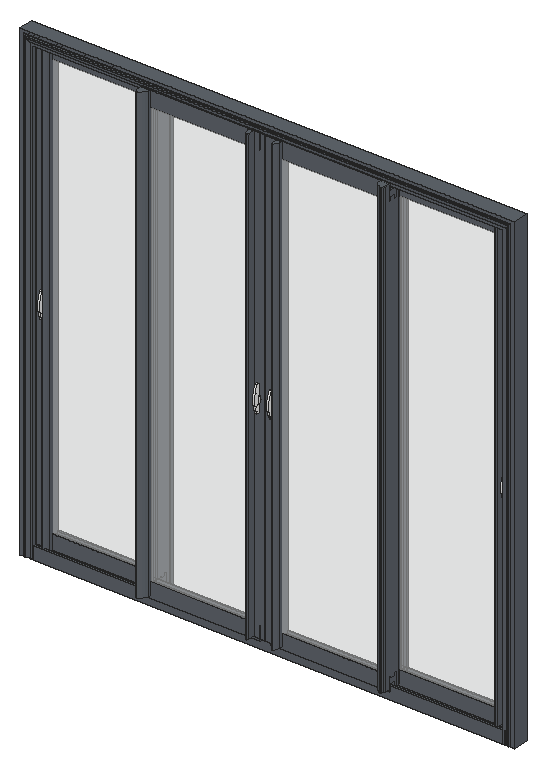
Revit family "Wicslide_65_Glass24_4_leaf_2_track_4_leaf_slide_or_2_inner_slide_2_outer_fixed", category Doors, host Wall, Revit 2014 (continued)
Definition of nested family "Leaf_Wicslide_65_2_leaf_2_track_both_sliding_or_1_fixed_1slide"
  Definition of nested family "wicona_handle_2d"
    Lines and regions (mm)
      Filled region 1, type "Concrete", in view "Ref. Level", detail levels medium
        outline origin (18.997, 3.58, 0) x (1, 0, 0) y (0, 1, 0)
          loop
            line (-32.997, -3.58) -> (-32.997, -9.933) -> (-24.997, -13.663) -> (-24.997, -27.833) -> (-22.937, -29.893) -> (-14.406, -29.893) -> (-13.407, -28.894) -> (-12.884, -13.903) -> (-10.056, -13.145) -> (-10.056, -16.127) -> (-7.132, -23.016) -> (0.376, -23.016) -> (1.978, -21.414) -> (0.932, -15.482) -> (-2.662, -8.313) -> (-7.394, -3.58) -> (-32.997, -3.58)
      model lines, style "PIECES", in view "Ref. Level", detail levels fine
        curve 1: arc (14, -1.6, 0) -> (13.707, -0.893, 0) -> (13, -0.6, 0) r 1
        curve 2: arc (6.221, -10.26, 0) -> (7.596, -9.888, 0) -> (8.949, -9.443, 0) r 26.5
        curve 3: arc (-13.393, -7.367, 0) -> (-9.913, -9.076, 0) -> (-6.221, -10.26, 0) r 26.5
        curve 4: arc (11.211, -7.242, 0) -> (11.535, -6.913, 0) -> (11.677, -6.473, 0) r 1
        curve 5: line (11.793, -0.6, 0) -> (12.052, -0.6, 0)
        curve 6: line (12.052, -0.6, 0) -> (13, -0.6, 0)
        curve 7: line (8.949, -12.262, 0) -> (8.949, -8.492, 0)
        curve 8: line (-4.591, -26.312, 0) -> (4.591, -26.312, 0)
        curve 9: line (-5.814, -25, 0) -> (-6.068, -10.451, 0)
        curve 10: line (-6.068, -10.451, 0) -> (-6.221, -10.26, 0)
        curve 11: line (5.815, -24.927, 0) -> (6.068, -10.451, 0)
        curve 12: line (6.068, -10.451, 0) -> (6.221, -10.26, 0)
        curve 13: line (11.211, -7.242, 0) -> (10.341, -7.762, 0)
        curve 14: line (10.341, -7.762, 0) -> (9.463, -8.24, 0)
        curve 15: line (9.463, -8.24, 0) -> (8.565, -8.68, 0)
        curve 16: line (8.565, -8.68, 0) -> (7.649, -9.083, 0)
        curve 17: line (7.505, -9.142, 0) -> (7.006, -9.364, 0)
        curve 18: line (-13.393, -7.367, 0) -> (-13.886, -6.543, 0)
        curve 19: line (-13.886, -6.543, 0) -> (-14, 0, 0)
        curve 20: line (-14, 0, 0) -> (11.805, 0, 0)
        curve 21: line (11.805, 0, 0) -> (11.786, -1, 0)
        curve 22: line (11.786, -1, 0) -> (11.766, -2, 0)
        curve 23: line (11.766, -2, 0) -> (11.747, -2.999, 0)
        curve 24: line (11.747, -2.999, 0) -> (11.727, -3.999, 0)
        curve 25: line (11.727, -3.999, 0) -> (11.708, -4.999, 0)
        curve 26: line (11.708, -4.999, 0) -> (11.688, -5.999, 0)
        curve 27: line (11.688, -5.999, 0) -> (11.68, -6.413, 0)
        curve 28: line (12.793, -0.754, 0) -> (13.413, -1.137, 0)
        curve 29: line (13.413, -1.137, 0) -> (14.151, -1.812, 0)
        curve 30: line (14.151, -1.812, 0) -> (14.853, -2.523, 0)
        curve 31: line (14.853, -2.523, 0) -> (15.519, -3.269, 0)
        curve 32: line (15.519, -3.269, 0) -> (16.149, -4.046, 0)
        curve 33: line (16.149, -4.046, 0) -> (16.743, -4.851, 0)
        curve 34: line (16.743, -4.851, 0) -> (17.301, -5.68, 0)
        curve 35: line (17.301, -5.68, 0) -> (17.61, -6.174, 0)
        curve 36: line (12.052, -0.6, 0) -> (12.765, -0.743, 0)
        curve 37: line (17.643, -6.231, 0) -> (18.091, -7.125, 0)
        curve 38: line (18.091, -7.125, 0) -> (18.508, -8.034, 0)
        curve 39: line (18.508, -8.034, 0) -> (18.897, -8.955, 0)
        curve 40: line (18.897, -8.955, 0) -> (19.257, -9.888, 0)
        curve 41: line (19.257, -9.888, 0) -> (19.59, -10.831, 0)
        curve 42: line (19.59, -10.831, 0) -> (19.895, -11.783, 0)
        curve 43: line (19.895, -11.783, 0) -> (20.172, -12.744, 0)
        curve 44: line (20.172, -12.744, 0) -> (20.422, -13.712, 0)
        curve 45: line (20.422, -13.712, 0) -> (20.645, -14.687, 0)
        curve 46: line (20.645, -14.687, 0) -> (20.841, -15.667, 0)
        curve 47: line (20.841, -15.667, 0) -> (21.011, -16.653, 0)
        curve 48: line (21.011, -16.653, 0) -> (21.043, -16.863, 0)
        curve 49: line (21.043, -16.863, 0) -> (20.974, -17.852, 0)
        curve 50: line (20.974, -17.852, 0) -> (20.702, -18.43, 0)
        curve 51: line (20.702, -18.43, 0) -> (20.014, -19.149, 0)
        curve 52: line (20.014, -19.149, 0) -> (19.107, -19.554, 0)
        curve 53: line (19.107, -19.554, 0) -> (18.664, -19.6, 0)
        curve 54: line (18.664, -19.6, 0) -> (16.934, -19.6, 0)
        curve 55: line (16.934, -19.6, 0) -> (15.934, -19.6, 0)
        curve 56: line (15.934, -19.6, 0) -> (14.934, -19.6, 0)
        curve 57: line (14.934, -19.6, 0) -> (13.934, -19.6, 0)
        curve 58: line (13.934, -19.6, 0) -> (13.413, -19.6, 0)
        curve 59: line (13.413, -19.6, 0) -> (12.446, -19.377, 0)
        curve 60: line (12.446, -19.377, 0) -> (11.651, -18.781, 0)
        curve 61: line (11.651, -18.781, 0) -> (11.243, -18.216, 0)
        curve 62: line (11.243, -18.216, 0) -> (10.768, -17.336, 0)
        curve 63: line (10.768, -17.336, 0) -> (10.324, -16.441, 0)
        curve 64: line (10.324, -16.441, 0) -> (9.909, -15.531, 0)
        curve 65: line (9.909, -15.531, 0) -> (9.525, -14.608, 0)
        curve 66: line (9.525, -14.608, 0) -> (9.171, -13.672, 0)
        curve 67: line (9.162, -13.647, 0) -> (8.966, -12.67, 0)
        curve 68: line (8.963, -12.62, 0) -> (8.951, -12.312, 0)
        curve 69: arc (-5.814, -25, 0) -> (-5.429, -25.928, 0) -> (-4.501, -26.312, 0) r 1.312
        curve 70: arc (4.591, -26.312, 0) -> (5.454, -25.955, 0) -> (5.812, -25.091, 0) r 1.221
Definition of nested family "Leaf_Wicslide_65_2_leaf_2_track_both_sliding_or_1_fixed_1slide_right"
  Parameters (values of type "Leaf_Wicslide_65_2_leaf_2_track_both_sliding_or_1_fixed_1slide_right")
    Sash meeting 3041242 = yes
    Sash meeting 3041240 = no
    Sash meeting 3041241 = no
    Sash 1041263 = no
    Sash 1041260 = no
    Sash 1041261 = yes
    Sash 1041262 = no
    Handle Distance = if(Sash 1041260, 18 mm, if(Sash 1041261, 41 mm, if(Sash 1041262, 38 mm, 18 mm)))  # 41 mm
    Leaf Width = 896 mm
    Leaf Material = Aluminium
    Leaf Height = 1922 mm
    Handle Material = Aluminium
    Handle Height = 850 mm  # constant formula
    Glass Width = 24 mm
    Glass Offset 2 = 7 mm  # constant formula
    Glass Offset = 46.1 mm  # constant formula
    Glass Material = WICONA -  Glass
    Glas Offset Bottom = 46.6 mm
    Frame Material = Aluminium
    Frame Bottom = 4 mm
  Reference planes
    plane 1 "Center (Front/Back)": y = 0
    plane 2: z = 0
    plane 3 "Center (Left/Right)": x = 0
    plane 4: x = 896
    plane 5: z = 1922
    plane 6: x = 46.1
    plane 7: x = 889
    plane 8: z = 1875.4
    plane 9: z = 46.6
    plane 10: z = 896.6
    plane 11: x = 58.1
    plane 12: y = -12.117
    plane 13: y = 11.883
    plane 14: y = 7.334
    plane 15: y = 31.334
    plane 16: x = -3.312
    plane 17: x = 899.312
    plane 18: z = 46.6
    plane 19: y = -41
    plane 20: x = 20
    plane 21: z = 960.237
    plane 22: z = 1923.516
    plane 23: x = -1.516
    plane 24: y = -22.045
    plane 25: z = -5.306
    plane 26: z = 25
    plane 27: z = 1932.5
    plane 28: z = 1902.5
    plane 29: z = 4
  Forms (mm)
    Sweep 1, solid, material "Aluminium" <- "Leaf Material", visible <- "Sash 1041260"
      path origin (-1.381, 0, 34.551) x (1, 0, 0) y (0, 0, 1)
        loop
          line (0, -30.551) -> (0, 1897.949)
      profile origin (-1.381, 0, 968.25) x (-1, 0, 0) y (0, -1, 0)
        loop
          line (-59.481, -18) -> (8.519, -18) -> (8.519, -12.6) -> (-13.431, -12.6) -> (-13.431, 12.6) -> (8.519, 12.6) -> (8.519, 18) -> (-59.395, 18) -> (-59.395, 12.117) -> (-47.481, 12.117) -> (-47.481, -11.883) -> (-59.481, -11.883) -> (-59.481, -18)
    Extrusion 2, solid, material "WICONA -  Glass" <- "Glass Material", detail levels medium+fine
      sketch origin (-214.248, -550.766, -473.088) x (1, 0, 0) y (0, 0, 1)
        loop
          line (260.348, 2348.488) -> (260.348, 519.688) -> (1103.248, 519.688) -> (1103.248, 2348.488) -> (260.348, 2348.488)
      from -562.649 to -538.649
    Sweep 3, solid, material "Aluminium" <- "Leaf Material"
      path origin (0, 0, 0) x (1, 0, 0) y (0, 0, 1)
        loop
          line (12.05, 0) -> (914.975, 0)
      profile origin (463.512, 0, 0) x (0, 0, 1) y (0, -1, 0)
        loop
          line (-5.306, -16.029) -> (58.694, -16.029) -> (58.694, -11.883) -> (46.634, -11.883) -> (46.634, 12.117) -> (58.694, 12.117) -> (58.694, 16.171) -> (-5.306, 16.171) -> (-5.306, 12.671) -> (25, 12.671) -> (25, -12.517) -> (-5.306, -12.517) -> (-5.306, -16.029)
    Sweep 4, solid, material "Aluminium" <- "Leaf Material", visible <- "Sash meeting 3041240"
      path origin (0, 0, 0) x (1, 0, 0) y (0, 0, 1)
        loop
          line (896, 1932.5) -> (896, 4)
      profile origin (896, 0, 968.25) x (0, -1, 0) y (1, 0, 0)
        loop
          line (18, -19.026) -> (18, 0) -> (27.453, 0) -> (27.453, 18.975) -> (-18, 18.975) -> (-18, -19.026) -> (-12.117, -19.026) -> (-12.117, -7.023) -> (11.883, -7.023) -> (11.883, -19.026) -> (18, -19.026)
    Sweep 5, solid, material "Aluminium" <- "Leaf Material", visible <- "Sash 1041263"
      path origin (0, 0, 0) x (1, 0, 0) y (0, 0, 1)
        loop
          line (0, 4) -> (0, 1932.5)
      profile origin (0, 0, 968.25) x (-1, 0, 0) y (0, -1, 0)
        loop
          line (9.9, -18) -> (9.9, -12.6) -> (-12.05, -12.6) -> (-12.05, 12.6) -> (9.9, 12.6) -> (9.9, 18) -> (-41.1, 18) -> (-41.1, 43) -> (-42.787, 50.915) -> (-43.872, 52) -> (-47.182, 52)
          arc (-47.182, 52) -> (-54.565, 40.341) -> (-58.1, 27) r 45.352
          line (-58.1, 27) -> (-58.1, -18) -> (9.9, -18)
    Sweep 6, solid, material "Aluminium" <- "Leaf Material", visible <- "Sash 1041262"
      path origin (0, 0, 0) x (1, 0, 0) y (0, 0, 1)
        loop
          line (0, 4) -> (0, 1932.5)
      profile origin (0, 0, 968.25) x (-1, 0, 0) y (0, -1, 0)
        loop
          line (-58.1, -18) -> (9.9, -18) -> (9.9, -12.6) -> (-12.05, -12.6) -> (-12.05, 12.6) -> (9.9, 12.6) -> (9.9, 18) -> (-6.1, 18) -> (-6.1, 38) -> (-58.1, 38) -> (-58.1, 12.117) -> (-46.1, 12.117) -> (-46.1, -11.883) -> (-58.1, -11.883) -> (-58.1, -18)
    Sweep 7, solid, material "Aluminium" <- "Leaf Material", visible <- "Sash 1041261"
      path origin (0, 0, 0) x (1, 0, 0) y (0, 0, 1)
        loop
          line (0, 4) -> (0, 1932.5)
      profile origin (0, 0, 968.25) x (-1, 0, 0) y (0, -1, 0)
        loop
          line (9.9, -18) -> (9.9, -12.6) -> (-12.05, -12.6) -> (-12.05, 12.6) -> (9.9, 12.6) -> (9.9, 41) -> (-58.1, 41) -> (-58.1, 12.117) -> (-46.136, 12.117) -> (-46.136, -11.883) -> (-58.1, -11.883) -> (-58.1, -18) -> (9.9, -18)
    Sweep 8, solid, material "Aluminium" <- "Leaf Material", visible <- "Sash meeting 3041242"
      path origin (0, 0, 0) x (1, 0, 0) y (0, 0, 1)
        loop
          line (896, 4) -> (896, 1932.5)
      profile origin (896, 0, 968.25) x (-1, 0, 0) y (0, -1, 0)
        loop
          line (0, 27.453) -> (-18.975, 27.453) -> (-18.975, -37.547) -> (-17.979, -45.657) -> (-14.994, -56.798) -> (-13.135, -57.8) -> (-7.45, -57.8)
          arc (-7.45, -57.8) -> (9.037, -45.04) -> (19.026, -26.74) r 50.906
          line (19.026, -26.74) -> (19.026, -12.117) -> (7, -12.117) -> (7, 11.883) -> (19.026, 11.883) -> (19.026, 18) -> (0, 18) -> (0, 27.453)
    Sweep 9, solid, material "Aluminium" <- "Leaf Material", visible <- "Sash meeting 3041241"
      path origin (0, 0, 0) x (1, 0, 0) y (0, 0, 1)
        loop
          line (896, 4) -> (896, 1932.5)
      profile origin (896, 0, 968.25) x (-1, 0, 0) y (0, -1, 0)
        loop
          line (0, 27.453) -> (-18.975, 27.453) -> (-18.975, -52.8) -> (19.026, -52.8) -> (19.026, -12.117) -> (7.023, -12.117) -> (7.023, 11.883) -> (19.026, 11.883) -> (19.026, 18) -> (0, 18) -> (0, 27.453)
    Sweep 10, solid, material "Aluminium" <- "Leaf Material"
      path origin (0, 0, 0) x (1, 0, 0) y (0, 0, 1)
        loop
          line (12.05, 1922) -> (914.975, 1922)
      profile origin (463.512, 0, 1922) x (0, 0, 1) y (0, -1, 0)
        loop
          line (10.5, 16.029) -> (-57.541, 16.029) -> (-57.541, 12.037) -> (-41.44, 12.037) -> (-41.44, -11.963) -> (-57.541, -11.963) -> (-57.541, -16.171) -> (10.5, -16.171) -> (10.5, -12.671) -> (-19.5, -12.671) -> (-19.5, 12.529) -> (10.5, 12.529) -> (10.5, 16.029)
    Extrusion 11, void
      sketch origin (0, 0, 0) x (1, 0, 0) y (0, 1, 0)
        loop
          line (920.814, 11.883) -> (889, 11.883) -> (889, -12.117) -> (920.814, -12.117) -> (920.814, 11.883)
      from 1902.5 to 1932.5
    Extrusion 12, void
      sketch origin (0, 0, 0) x (1, 0, 0) y (0, 1, 0)
        loop
          line (925.104, 11.883) -> (889, 11.883) -> (889, -12.117) -> (925.104, -12.117) -> (925.104, 11.883)
      from -5.306 to 25
  Cuts and joins
    Extrusion 11, Extrusion 12 cuts Extrusion 2
    Extrusion 11, Extrusion 12 cuts Sweep 3
    Extrusion 11, Extrusion 12 cuts Sweep 8
    Extrusion 12 cuts Sweep 4
    Extrusion 12 cuts Sweep 9
  Lines and regions (mm)
    symbolic lines, style "GenericModel", detail levels medium+fine
      curve 1: line (62.7, 0, 0) -> (874, 0, 0)
      curve 2: line (0, 11.883, 1875.4) -> (0, 11.883, 46.6)
      curve 3: line (0, -12.117, 1875.4) -> (0, -12.117, 46.6)
      curve 4: line (0, 0, 1875.4) -> (0, 0, 46.6)
      curve 5: line (46.1, 0, 0) -> (889, 0, 0)
  Dimensions and locks
    "Leaf Width": plane 3 "Center (Left/Right)" to plane 4
    "Leaf Height": plane 5 to level
    "Glass Offset": plane 3 "Center (Left/Right)" to plane 6
    "Glass Offset 2": plane 7 to plane 4
    "Glas Offset Bottom": plane 5 to plane 8
    level to plane 10 = 896.6 mm
    "Glass Width": plane 15 to plane 14
    "Handle Height": plane 10 to plane 9
    "Glas Offset Bottom": plane 9 to level
    locked: plane 3 "Center (Left/Right)" to plane 16 at 3.312
    locked: plane 17 to plane 4 at 3.312
    locked: plane 3 "Center (Left/Right)" to plane 20 at 20
    "Handle Distance": plane 19 to plane 1 "Center (Front/Back)"
    plane 21 to level = 960.237 mm
    plane 24 to plane 1 "Center (Front/Back)" = 22.045 mm
    plane 26 to level to plane 25 = 25 mm locked, 5.306 mm locked
    plane 27 to plane 5 to plane 28 = 10.5 mm locked, 19.5 mm locked
    "Frame Bottom": plane 29 to level
    aligned and locked: level to plane 2
    aligned and locked: plane 6 to nested 1
    aligned and locked: plane 7 to nested 1
    aligned and locked: plane 12 to nested 1
    aligned and locked: nested 2 to plane 8
    aligned and locked: nested 2 to plane 9
    aligned and locked: plane 12 to nested 2
    aligned and locked: plane 6 to curve 5
    aligned and locked: plane 7 to curve 5
    aligned and locked: plane 9 to plane 18
    aligned and locked: nested 3 to plane 3 "Center (Left/Right)"
    aligned and locked: nested 3 to plane 1 "Center (Front/Back)"
    aligned and locked: nested 4 to level
    aligned and locked: nested 4 to plane 1 "Center (Front/Back)"
    aligned and locked: nested 5 to plane 1 "Center (Front/Back)"
    aligned and locked: nested 5 to plane 3 "Center (Left/Right)"
    aligned and locked: nested 6 to plane 1 "Center (Front/Back)"
    aligned and locked: nested 6 to plane 3 "Center (Left/Right)"
    aligned and locked: nested 7 to plane 1 "Center (Front/Back)"
    aligned and locked: nested 7 to plane 3 "Center (Left/Right)"
    aligned and locked: Extrusion 2 to plane 6
    aligned and locked: plane 7 to Extrusion 2
    aligned and locked: plane 8 to Extrusion 2
    aligned and locked: Extrusion 2 to plane 9
    aligned and locked: Extrusion 2 to plane 13
    aligned and locked: plane 12 to Extrusion 2
    aligned and locked: nested 8 to plane 1 "Center (Front/Back)"
    aligned and locked: nested 7 to nested 8
    aligned and locked: plane 19 to nested 9
    aligned and locked: nested 9 to plane 20
    aligned and locked: plane 21 to nested 9
    aligned and locked: plane 5 to nested 10
    aligned and locked: plane 1 "Center (Front/Back)" to nested 10
    aligned and locked: Sweep 10 to Sweep 4 sketch curve
    aligned and locked: Sweep 10 to Sweep 9 sketch curve
    aligned and locked: Sweep 10 to Sweep 8 sketch curve
    aligned and locked: Sweep 10 to Sweep 7 sketch curve
    aligned and locked: Sweep 10 to Sweep 6 sketch curve
    aligned and locked: Sweep 10 to Sweep 5 sketch curve
    aligned and locked: Sweep 10 to Sweep 1 sketch curve
    aligned and locked: nested 11 to plane 4
    aligned and locked: nested 11 to plane 1 "Center (Front/Back)"
    aligned and locked: nested 13 to plane 4
    aligned and locked: nested 13 to plane 1 "Center (Front/Back)"
    aligned and locked: nested 12 to plane 1 "Center (Front/Back)"
    aligned and locked: nested 12 to plane 4
    aligned and locked: Sweep 7 to Sweep 3 sketch curve
    aligned and locked: nested 14 to plane 19
    aligned and locked: nested 14 to plane 20
    aligned and locked: plane 27 to cut or joined group of Sweep 8, Extrusion 11, Extrusion 12
    aligned and locked: cut or joined group of Sweep 8, Extrusion 11, Extrusion 12 to plane 7
    aligned and locked: cut or joined group of Sweep 8, Extrusion 11, Extrusion 12 to plane 28
    aligned and locked: plane 29 to Sweep 7 sketch curve
    aligned and locked: plane 29 to Sweep 5 sketch curve
    aligned and locked: plane 29 to Sweep 6 sketch curve
    aligned and locked: plane 29 to Sweep 1 sketch curve
    aligned and locked: plane 29 to Sweep 9 sketch curve
    aligned and locked: plane 29 to Sweep 8 sketch curve
    aligned and locked: plane 29 to Sweep 4 sketch curve
    aligned and locked: cut or joined group of Sweep 9, Extrusion 12 to plane 7
    aligned and locked: cut or joined group of Sweep 9, Extrusion 12 to plane 25
    aligned and locked: plane 26 to cut or joined group of Sweep 9, Extrusion 12
  Automatic sketch dimensions
    curve 3 to plane 8 = 0 mm
    curve 3 to plane 12 = 0 mm
    curve 4 to plane 1 "Center (Front/Back)" = 0 mm
    curve 2 to plane 9 = 0 mm
    curve 2 to plane 13 = 0 mm
    curve 3 to plane 9 = 0 mm
    curve 4 to plane 9 = 0 mm
    curve 4 to plane 8 = 0 mm
    curve 2 to plane 8 = 0 mm
    plane 1 "Center (Front/Back)" to curve 1 = 0 mm
    plane 1 "Center (Front/Back)" to curve 5 = 0 mm
    curve 1 to plane 11 = 4.6 mm
    curve 1 to plane 7 = 15 mm
    plane 23 to Sweep 1 sketch curve = 0.135 mm
    Sweep 1 sketch curve to profile plane = 11.883 mm
    profile plane to Sweep 1 sketch curve = 59.481 mm
    Sweep 1 sketch curve to Sweep 1 sketch curve = 0.086 mm
    Sweep 1 sketch curve to Sweep 1 sketch curve = 11.914 mm
    profile plane to Sweep 1 sketch curve = 13.431 mm
    Sweep 1 sketch curve to profile plane = 8.519 mm  (x2)
    Sweep 1 sketch curve to profile plane = 12.6 mm
    Sweep 1 sketch curve to Sweep 1 sketch curve = 6.117 mm
    profile plane to Sweep 1 sketch curve = 12.117 mm
    profile plane to Sweep 1 sketch curve = 12.6 mm
    Sweep 1 sketch curve to Sweep 1 sketch curve = 5.4 mm
    Extrusion 2 sketch curve to plane 6 = 0 mm
    Extrusion 2 sketch curve to plane 7 = 0 mm
    Extrusion 2 sketch curve to plane 9 = 0 mm
    Extrusion 2 sketch curve to plane 8 = 0 mm
    Sweep 3 sketch curve to level = 0 mm
    plane 17 to Sweep 3 sketch curve = 15.663 mm
    profile plane to Sweep 3 sketch curve = 5.306 mm  (x2)
    Sweep 3 sketch curve to plane 18 = 21.6 mm
    plane 18 to Sweep 3 sketch curve = 0.034 mm
    plane 18 to Sweep 3 sketch curve = 12.094 mm
    Sweep 3 sketch curve to Sweep 3 sketch curve = 12.06 mm
    Sweep 3 sketch curve to plane 1 "Center (Front/Back)" = 16.029 mm
    Sweep 3 sketch curve to Sweep 3 sketch curve = 3.512 mm
    Sweep 3 sketch curve to plane 1 "Center (Front/Back)" = 11.883 mm
    plane 1 "Center (Front/Back)" to Sweep 3 sketch curve = 12.117 mm
    plane 1 "Center (Front/Back)" to Sweep 3 sketch curve = 12.671 mm
    Sweep 3 sketch curve to Sweep 3 sketch curve = 4.054 mm
    Sweep 4 sketch curve to plane 4 = 0 mm
    Sweep 4 sketch curve to profile plane = 0 mm
    Sweep 4 sketch curve to plane 1 "Center (Front/Back)" = 18 mm
    Sweep 4 sketch curve to Sweep 4 sketch curve = 5.883 mm
    plane 1 "Center (Front/Back)" to Sweep 4 sketch curve = 11.883 mm
    Sweep 4 sketch curve to Sweep 4 sketch curve = 6.117 mm
    Sweep 4 sketch curve to Sweep 4 sketch curve = 9.453 mm
    profile plane to Sweep 4 sketch curve = 7.023 mm
    Sweep 4 sketch curve to Sweep 4 sketch curve = 12.003 mm  (x2)
    Sweep 4 sketch curve to profile plane = 18.975 mm
    Sweep 5 sketch curve to plane 3 "Center (Left/Right)" = 0 mm
    Sweep 5 sketch curve to plane 1 "Center (Front/Back)" = 18 mm
    profile plane to Sweep 5 sketch curve = 58.1 mm
    Sweep 5 sketch curve to Sweep 5 sketch curve = 10.918 mm
    Sweep 5 sketch curve to Sweep 5 sketch curve = 3.31 mm
    Sweep 5 sketch curve to Sweep 5 sketch curve = 1.085 mm  (x2)
    Sweep 5 sketch curve to Sweep 5 sketch curve = 1.687 mm
    profile plane to Sweep 5 sketch curve = 13.004 mm
    Sweep 5 sketch curve to Sweep 5 sketch curve = 0.954 mm
    Sweep 5 sketch curve to profile plane = 9.9 mm  (x2)
    Sweep 5 sketch curve to plane 1 "Center (Front/Back)" = 12.6 mm
    plane 1 "Center (Front/Back)" to Sweep 5 sketch curve = 12.6 mm
    Sweep 5 sketch curve to Sweep 5 sketch curve = 5.4 mm
    Sweep 5 sketch curve to Sweep 5 sketch curve = 9.59 mm
    Sweep 5 sketch curve to Sweep 5 sketch curve = 9 mm  (x2)
    Sweep 6 sketch curve to plane 3 "Center (Left/Right)" = 0 mm
    Sweep 6 sketch curve to plane 1 "Center (Front/Back)" = 18 mm
    profile plane to Sweep 6 sketch curve = 58.1 mm
    Sweep 6 sketch curve to Sweep 6 sketch curve = 0 mm
    Sweep 6 sketch curve to Sweep 6 sketch curve = 12 mm
    profile plane to Sweep 6 sketch curve = 12.05 mm
    profile plane to Sweep 6 sketch curve = 6.1 mm
    Sweep 6 sketch curve to profile plane = 9.9 mm  (x2)
    Sweep 6 sketch curve to Sweep 6 sketch curve = 5.4 mm  (x2)
    Sweep 6 sketch curve to Sweep 6 sketch curve = 6.117 mm
    plane 1 "Center (Front/Back)" to Sweep 6 sketch curve = 12.117 mm
    plane 1 "Center (Front/Back)" to Sweep 6 sketch curve = 12.6 mm
    Sweep 6 sketch curve to Sweep 6 sketch curve = 25.883 mm
    Sweep 7 sketch curve to plane 3 "Center (Left/Right)" = 0 mm
    profile plane to Sweep 7 sketch curve = 58.1 mm
    Sweep 7 sketch curve to Sweep 7 sketch curve = 0 mm
    Sweep 7 sketch curve to Sweep 7 sketch curve = 11.964 mm
    profile plane to Sweep 7 sketch curve = 12.05 mm
    Sweep 7 sketch curve to profile plane = 9.9 mm  (x2)
    Sweep 7 sketch curve to plane 1 "Center (Front/Back)" = 18 mm
    Sweep 7 sketch curve to Sweep 7 sketch curve = 5.4 mm
    Sweep 7 sketch curve to plane 1 "Center (Front/Back)" = 11.883 mm
    plane 1 "Center (Front/Back)" to Sweep 7 sketch curve = 12.117 mm
    plane 1 "Center (Front/Back)" to Sweep 7 sketch curve = 12.6 mm
    Sweep 7 sketch curve to Sweep 7 sketch curve = 28.4 mm
    Sweep 8 sketch curve to plane 4 = 0 mm
    Sweep 8 sketch curve to profile plane = 0 mm
    profile plane to Sweep 8 sketch curve = 7.45 mm
    Sweep 8 sketch curve to Sweep 8 sketch curve = 5.685 mm
    Sweep 8 sketch curve to Sweep 8 sketch curve = 1.859 mm
    Sweep 8 sketch curve to Sweep 8 sketch curve = 2.985 mm
    profile plane to Sweep 8 sketch curve = 18.975 mm
    Sweep 8 sketch curve to plane 1 "Center (Front/Back)" = 12.015 mm
    Sweep 8 sketch curve to Sweep 8 sketch curve = 10.729 mm
    Sweep 8 sketch curve to profile plane = 7 mm
    Sweep 8 sketch curve to Sweep 8 sketch curve = 12.026 mm  (x2)
    Sweep 8 sketch curve to plane 1 "Center (Front/Back)" = 12.117 mm
    Sweep 8 sketch curve to Sweep 8 sketch curve = 14.623 mm
    Sweep 8 sketch curve to Sweep 8 sketch curve = 20.253 mm
    Sweep 8 sketch curve to Sweep 8 sketch curve = 8.11 mm
    Sweep 8 sketch curve to Sweep 8 sketch curve = 1.002 mm
    plane 1 "Center (Front/Back)" to Sweep 8 sketch curve = 11.883 mm
    Sweep 8 sketch curve to Sweep 8 sketch curve = 6.117 mm
    Sweep 8 sketch curve to Sweep 8 sketch curve = 9.453 mm
    Sweep 9 sketch curve to plane 4 = 0 mm
    Sweep 9 sketch curve to profile plane = 0 mm
    profile plane to Sweep 9 sketch curve = 18.975 mm
    Sweep 9 sketch curve to profile plane = 7.023 mm
    Sweep 9 sketch curve to profile plane = 19.026 mm
    Sweep 9 sketch curve to Sweep 9 sketch curve = 12.003 mm
    Sweep 9 sketch curve to plane 1 "Center (Front/Back)" = 52.8 mm
    Sweep 9 sketch curve to plane 1 "Center (Front/Back)" = 12.117 mm
    plane 1 "Center (Front/Back)" to Sweep 9 sketch curve = 11.883 mm
    Sweep 9 sketch curve to Sweep 9 sketch curve = 6.117 mm
    Sweep 9 sketch curve to Sweep 9 sketch curve = 9.453 mm
    Sweep 10 sketch curve to plane 5 = 0 mm
    plane 20 to Sweep 10 sketch curve = 7.95 mm
    plane 17 to Sweep 10 sketch curve = 15.663 mm
    Sweep 10 sketch curve to plane 1 "Center (Front/Back)" = 16.171 mm
    profile plane to Sweep 10 sketch curve = 57.541 mm
    Sweep 10 sketch curve to Sweep 10 sketch curve = 0 mm
    Sweep 10 sketch curve to Sweep 10 sketch curve = 16.102 mm
    profile plane to Sweep 10 sketch curve = 19.5 mm
    Sweep 10 sketch curve to profile plane = 10.5 mm  (x2)
    Sweep 10 sketch curve to plane 1 "Center (Front/Back)" = 12.671 mm
    Sweep 10 sketch curve to Sweep 10 sketch curve = 4.208 mm
    plane 1 "Center (Front/Back)" to Sweep 10 sketch curve = 12.037 mm
    plane 1 "Center (Front/Back)" to Sweep 10 sketch curve = 12.529 mm
    Sweep 10 sketch curve to Sweep 10 sketch curve = 3.5 mm
    plane 7 to Extrusion 11 sketch curve = 0 mm
    plane 12 to Extrusion 11 sketch curve = 0 mm
    plane 13 to Extrusion 11 sketch curve = 0 mm
    plane 17 to Extrusion 11 sketch curve = 21.502 mm
    plane 7 to Extrusion 12 sketch curve = 0 mm
    plane 12 to Extrusion 12 sketch curve = 0 mm
    plane 13 to Extrusion 12 sketch curve = 0 mm
    plane 17 to Extrusion 12 sketch curve = 25.791 mm
  Nested families
    nested 1: "window_2_pieces_glass_line" at (46.1, -12.117, 0), type "T24"
      with built-in parameter 1001306 2.7654 (stored number, unit not read)
    nested 2: "window_2_pieces_glass_line" at (0, -12.117, 1875.4) x (0, 0, -1) z (1, 0, 0), type "T24"
      with built-in parameter 1001306 6 (stored number, unit not read)
    nested 3: "Sash Verticals_1041260" at (-9.9, 18, 0), visible <- "Sash 1041260", type "Sash Verticals_1041260"
    nested 4: "Sash_horizontal_1041264" at (0, 0, 0) x (0, 1, 0) z (1, 0, 0), type "Sash_horizontal_1041264"
    nested 5: "Sash Verticals_1041261" at (-9.9, 18, 0), visible <- "Sash 1041261", type "Sash Verticals_1041261"
    nested 6: "Sash Verticals_1041262" at (-9.9, 18, 0), visible <- "Sash 1041262", type "Sash Verticals_1041262"
    nested 7: "Sash Verticals_1041263" at (-9.9, 18, 0), visible <- "Sash 1041263", type "Sash Verticals_1041263"
    nested 8: "Sash_lock" at (-9.884, 18, 0), type "Sash_lock"
    nested 9: "wicona_handle_2" at (20, -41, 956.633) x (-1, 0, 0) z (0, 0, 1), type "wicona_handle_2", detail levels medium+fine
    nested 10: "Sash_horizontal_1041264" at (0, 0, 1927.194) x (0, -1, 0) z (1, 0, 0), type "Sash_horizontal_1041264"
    nested 11: "Sash meeting 3041240" at (896, -18, 0), visible <- "Sash meeting 3041240", type "Sash meeting 3041240"
    nested 12: "Sash meeting_3041242" at (896, -18, 0), visible <- "Sash meeting 3041242", type "Sash meeting_3041242"
    nested 13: "Sash meeting_3041241" at (896, -18, 0), visible <- "Sash meeting 3041241", type "Sash meeting_3041241"
    nested 14: "wicona_handle_2d" at (20, -41, 0), type "wicona_handle_2d"
  Definition of nested family "wicona_handle_2"
    Parameters (values of type "wicona_handle_2")
      Leaf Thickness = 119.445 mm
      Handle Material = Aluminium
    Reference planes
      plane 1 "Center (Front/Back)": y = 0
      plane 2: z = 0
      plane 3 "Center (Left/Right)": x = 0
      plane 4: x = -12.5
      plane 5: x = 12.5
      plane 6: y = -25
    Forms (mm)
      Extrusion 1, solid, material "Aluminium" <- "Handle Material"
        sketch origin (0, 0, 0) x (1, 0, 0) y (0, 0, 1)
          loop
            line (0, 24.936) -> (0, -24.936)
            arc (0, -24.936) -> (9.865, 0) -> (0, 24.936) r 36.45
        from 0 to 7.131
      Extrusion 2, solid, material "Aluminium" <- "Handle Material"
        sketch origin (0, 0, 0) x (0, 1, 0) y (0, 0, 1)
          loop
            line (0, 61.209) -> (-11.38, 61.209)
            arc (-11.38, 61.209) -> (-25.13, 4.31) -> (-11.38, -52.589) r 124.599
            line (-11.38, -52.589) -> (0, -52.589) -> (0, 61.209)
        from -4.798 to 4.287
      Extrusion 3, solid, material "Aluminium" <- "Handle Material"
        sketch origin (-0.471, 0, 3.281) x (0.788011, 0, 0.615661) y (-0.615661, 0, 0.788011)
          loop
            line (-12.5, 3.457) -> (-12.5, -1.543) -> (2.5, -1.543) -> (2.5, 3.457) -> (-12.5, 3.457)
        from 0 to 7.131
    Dimensions and locks
      aligned and locked: level to plane 2
  Definition of nested family "window_2_pieces_glass_line"
    Parameters (values of type "T24")
      v1 = 5 mm
      line = 10 mm
      built-in parameter 1001306 [instance] = 1200 mm
      Glass Thickness = 24 mm
    Reference planes
      plane 1 "Center (Front/Back)": y = 0
      plane 2: z = 0
      plane 3 "Left": x = 0
      plane 4 "Right": x = 1200
      plane 5: y = 24
      plane 6: y = 5
      plane 7: y = 19
      plane 8: x = 10
      plane 9: x = 1190
    Lines and regions (mm)
      reference lines, in view "Ref. Level"
        curve 1: line (0, 0, 0) -> (1200, 0, 0)
      detail lines, in view "Ref. Level", detail levels medium+fine
        curve 2: line (0, 24, 0) -> (1200, 24, 0)
        curve 3: line (0, 0, 0) -> (1200, 0, 0)
      detail lines, in view "Ref. Level", detail levels fine
        curve 4: line (0, 19, 0) -> (1200, 19, 0)
        curve 5: line (0, 5, 0) -> (1200, 5, 0)
      model lines, style "DetailComponents", in view "Ref. Level", detail levels fine
        curve 6: line (10, 19, 0) -> (10, 5, 0)
      detail lines, style "DetailComponents", in view "Ref. Level", detail levels fine
        curve 7: line (1190, 19, 0) -> (1190, 5, 0)
      model lines, style "DetailComponents", in view "Ref. Level", detail levels medium+fine
        curve 8: line (1200, 24, 0) -> (1200, 0, 0)
      detail lines, style "DetailComponents", in view "Ref. Level", detail levels medium+fine
        curve 9: line (0, 24, 0) -> (0, 0, 0)
    Dimensions and locks
      "built-in parameter 1001306": plane 3 "Left" to plane 4 "Right"
      "Glass Thickness": plane 5 to plane 1 "Center (Front/Back)"
      plane 5 to plane 1 "Center (Front/Back)" = 24 mm
      "v1": plane 5 to plane 7
      "v1": plane 6 to plane 1 "Center (Front/Back)"
      "line": plane 3 "Left" to plane 8
      "line": plane 9 to plane 4 "Right"
      aligned and locked: plane 1 "Center (Front/Back)" to curve 1
      aligned and locked: plane 3 "Left" to curve 1
      aligned and locked: plane 4 "Right" to curve 1
      aligned and locked: plane 5 to curve 2
      aligned and locked: plane 7 to curve 4
      aligned and locked: plane 6 to curve 5
      aligned and locked: curve 5 to curve 6
      aligned and locked: curve 6 to plane 8
      aligned and locked: curve 5 to curve 7
      aligned and locked: curve 7 to plane 9
      aligned and locked: plane 1 "Center (Front/Back)" to curve 9
      aligned and locked: curve 9 to plane 3 "Left"
      aligned and locked: curve 2 to curve 8
      aligned and locked: curve 3 to curve 8
      aligned and locked: curve 8 to plane 4 "Right"
      aligned and locked: curve 4 to curve 7
      aligned and locked: curve 4 to curve 6
    Automatic sketch dimensions
      curve 5 to plane 4 "Right" = 0 mm
      curve 4 to plane 4 "Right" = 0 mm
      curve 3 to plane 4 "Right" = 0 mm
      curve 2 to plane 4 "Right" = 0 mm
  Definition of nested family "Sash Verticals_1041260"
    Reference planes
      plane 1 "Center (Front/Back)": y = 0
      plane 2: z = 0
      plane 3 "Center (Left/Right)": x = 0
      plane 4: y = -36
      plane 5: y = -18
    Lines and regions (mm)
      Filled region 1, type "Concrete", in view "Ref. Level", detail levels medium
        outline origin (18.997, 3.58, 0) x (1, 0, 0) y (0, 1, 0)
          loop
            line (-18.997, -3.58) -> (-18.997, -39.58) -> (49.003, -39.58) -> (49.003, -33.697) -> (37.039, -33.697) -> (37.039, -9.697) -> (49.003, -9.697) -> (49.003, -3.58) -> (-18.997, -3.58)
      model lines, style "GLAS", in view "Ref. Level", detail levels fine
        curve 1: line (96.036, -6.117, 0) -> (56.036, -6.117, 0)
        curve 2: line (56.036, -6.117, 0) -> (56.036, -30.117, 0)
        curve 3: line (56.036, -30.117, 0) -> (96.036, -30.117, 0)
  Definition of nested family "Sash_horizontal_1041264"
    Reference planes
      plane 1 "Center (Front/Back)": y = 0
      plane 2: z = 0
      plane 3 "Center (Left/Right)": x = 0
    Lines and regions (mm)
      Filled region 1, type "Concrete", in view "Ref. Level", detail levels medium
        outline origin (18.997, 3.58, 0) x (1, 0, 0) y (0, 1, 0)
          loop
            line (-35.168, -8.845) -> (-2.968, -8.845) -> (-2.968, 59.155) -> (-6.959, 59.155) -> (-6.959, 43.054) -> (-30.959, 43.054) -> (-30.959, 59.155) -> (-35.168, 59.155) -> (-35.168, -8.845)
      detail lines, style "GLAS", in view "Ref. Level", detail levels fine
        curve 1: line (-11.963, 46.634, 0) -> (-11.963, 86.634, 0)
        curve 2: line (12.037, 86.634, 0) -> (12.037, 46.634, 0)
        curve 26: line (-11.963, 86.634, 0) -> (-11.963, 46.634, 0)
        curve 27: line (-11.963, 46.634, 0) -> (12.037, 46.634, 0)
        curve 28: line (12.037, 46.634, 0) -> (12.037, 86.634, 0)
      detail lines, style "CENT3", in view "Ref. Level", not visible
        curve 3: line (123.517, -4.599, 0) -> (123.517, -38.599, 0)
      detail lines, style "GLAS", in view "Ref. Level", not visible
        curve 4: line (83.517, -9.599, 0) -> (123.517, -9.599, 0)
        curve 5: line (123.517, -9.599, 0) -> (123.517, -14.599, 0)
        curve 6: line (123.517, -14.599, 0) -> (83.517, -14.599, 0)
        curve 7: line (83.517, -14.599, 0) -> (83.517, -9.599, 0)
        curve 8: line (83.517, -28.599, 0) -> (123.517, -28.599, 0)
        curve 9: line (123.517, -28.599, 0) -> (123.517, -33.599, 0)
        curve 10: line (123.517, -33.599, 0) -> (83.517, -33.599, 0)
        curve 11: line (83.517, -33.599, 0) -> (83.517, -28.599, 0)
        curve 12: line (83.517, -10.599, 0) -> (123.517, -10.599, 0)
        curve 13: line (83.517, -11.599, 0) -> (123.517, -11.599, 0)
        curve 14: line (83.517, -12.599, 0) -> (123.517, -12.599, 0)
        curve 15: line (83.517, -13.599, 0) -> (123.517, -13.599, 0)
        curve 16: line (83.517, -14.599, 0) -> (123.517, -14.599, 0)
        curve 17: line (93.517, -14.599, 0) -> (93.517, -28.599, 0)
        curve 18: line (83.517, -28.599, 0) -> (123.517, -28.599, 0)
        curve 19: line (83.517, -29.599, 0) -> (123.517, -29.599, 0)
        curve 20: line (83.517, -30.599, 0) -> (123.517, -30.599, 0)
        curve 21: line (83.517, -31.599, 0) -> (123.517, -31.599, 0)
        curve 22: line (83.517, -32.599, 0) -> (123.517, -32.599, 0)
        curve 23: line (123.517, -9.599, 0) -> (83.517, -9.599, 0)
        curve 24: line (83.517, -9.599, 0) -> (83.517, -33.599, 0)
        curve 25: line (83.517, -33.599, 0) -> (123.517, -33.599, 0)
      detail lines, style "GLAS", in view "Ref. Level", not visible, detail levels fine
        curve 29: line (56.036, -6.117, 0) -> (96.036, -6.117, 0)
        curve 30: line (96.036, -30.117, 0) -> (56.036, -30.117, 0)
        curve 31: line (96.036, -6.117, 0) -> (56.036, -6.117, 0)
        curve 32: line (56.036, -6.117, 0) -> (56.036, -30.117, 0)
        curve 33: line (56.036, -30.117, 0) -> (96.036, -30.117, 0)
  Definition of nested family "Sash Verticals_1041261"
    Reference planes
      plane 1 "Center (Front/Back)": y = 0
      plane 2: z = 0
      plane 3 "Center (Left/Right)": x = 0
      plane 4: y = -36
      plane 5: y = -18
    Lines and regions (mm)
      Filled region 1, type "Concrete", in view "Ref. Level", detail levels medium
        outline origin (18.997, 3.58, 0) x (1, 0, 0) y (0, 1, 0)
          loop
            line (-18.997, -3.58) -> (-18.997, -62.58) -> (49.003, -62.58) -> (49.003, -33.697) -> (37.039, -33.697) -> (37.039, -9.697) -> (49.003, -9.697) -> (49.003, -3.58) -> (-18.997, -3.58)
      model lines, style "GLAS", in view "Ref. Level", detail levels fine
        curve 1: line (96.036, -6.117, 0) -> (56.036, -6.117, 0)
        curve 2: line (56.036, -6.117, 0) -> (56.036, -30.117, 0)
        curve 3: line (56.036, -30.117, 0) -> (96.036, -30.117, 0)
  Definition of nested family "Sash Verticals_1041262"
    Reference planes
      plane 1 "Center (Front/Back)": y = 0
      plane 2: z = 0
      plane 3 "Center (Left/Right)": x = 0
      plane 4: y = -36
      plane 5: y = -18
    Lines and regions (mm)
      Filled region 1, type "Concrete", in view "Ref. Level", detail levels medium
        outline origin (18.997, 3.58, 0) x (1, 0, 0) y (0, 1, 0)
          loop
            line (-18.997, -3.58) -> (-18.997, -39.58) -> (-2.997, -39.58) -> (-2.997, -59.58) -> (49.003, -59.58) -> (49.003, -33.697) -> (37.039, -33.697) -> (37.039, -9.697) -> (49.003, -9.697) -> (49.003, -3.58) -> (-18.997, -3.58)
      model lines, style "GLAS", in view "Ref. Level", detail levels fine
        curve 1: line (96.036, -6.117, 0) -> (56.036, -6.117, 0)
        curve 2: line (56.036, -6.117, 0) -> (56.036, -30.117, 0)
        curve 3: line (56.036, -30.117, 0) -> (96.036, -30.117, 0)
  Definition of nested family "Sash Verticals_1041263"
    Reference planes
      plane 1 "Center (Front/Back)": y = 0
      plane 2: z = 0
      plane 3 "Center (Left/Right)": x = 0
      plane 4: y = -36
      plane 5: y = -18
    Lines and regions (mm)
      Filled region 1, type "Concrete", in view "Ref. Level", detail levels medium
        outline origin (18.997, 3.58, 0) x (1, 0, 0) y (0, 1, 0)
          loop
            line (-18.997, -3.58) -> (-18.997, -39.58) -> (32.003, -39.58) -> (32.003, -64.58) -> (33.69, -72.495) -> (34.775, -73.58) -> (38.085, -73.58)
            arc (38.085, -73.58) -> (45.468, -61.921) -> (49.003, -48.58) r 45.352
            line (49.003, -48.58) -> (49.003, -33.697) -> (37.039, -33.697) -> (37.039, -9.697) -> (49.003, -9.697) -> (49.003, -3.58) -> (-18.997, -3.58)
      model lines, style "GLAS", in view "Ref. Level", detail levels fine
        curve 1: line (96.036, -6.117, 0) -> (56.036, -6.117, 0)
        curve 2: line (56.036, -6.117, 0) -> (56.036, -30.117, 0)
        curve 3: line (56.036, -30.117, 0) -> (96.036, -30.117, 0)
  Definition of nested family "Sash_lock"
    Reference planes
      plane 1 "Center (Front/Back)": y = 0
      plane 2: z = 0
      plane 3 "Center (Left/Right)": x = 0
      plane 4: y = -36
      plane 5: y = -18
  Definition of nested family "Sash meeting 3041240"
    Reference planes
      plane 1 "Center (Front/Back)": y = 0
      plane 2: z = 0
      plane 3 "Center (Left/Right)": x = 0
      plane 4: y = -36
      plane 5: y = -18
      plane 6: x = 18.975
    Lines and regions (mm)
      Filled region 1, type "Concrete", in view "Ref. Level", detail levels medium
        outline origin (18.997, 3.58, 0) x (1, 0, 0) y (0, 1, 0)
          loop
            line (-0.022, -39.58) -> (-0.022, 5.873) -> (-18.997, 5.873) -> (-18.997, -3.58) -> (-38.023, -3.58) -> (-38.023, -9.697) -> (-26.02, -9.697) -> (-26.02, -33.697) -> (-38.023, -33.697) -> (-38.023, -39.58) -> (-0.022, -39.58)
      detail lines, style "GLAS", in view "Ref. Level", detail levels fine
        curve 1: line (-7.023, -6.117, 0) -> (-7.023, -30.117, 0)
  Definition of nested family "Sash meeting_3041242"
    Reference planes
      plane 1 "Center (Front/Back)": y = 0
      plane 2: z = 0
      plane 3 "Center (Left/Right)": x = 0
      plane 4: y = -36
      plane 5: y = -18
      plane 6: x = 18.975
    Lines and regions (mm)
      Filled region 1, type "Concrete", in view "Ref. Level", detail levels medium
        outline origin (18.997, 3.58, 0) x (1, 0, 0) y (0, 1, 0)
          loop
            line (-0.022, -59.127) -> (-0.022, 5.873) -> (-18.997, 5.873) -> (-18.997, -3.58) -> (-38.023, -3.58) -> (-38.023, -9.697) -> (-26.02, -9.697) -> (-26.02, -33.697) -> (-38.023, -33.697) -> (-38.023, -48.32)
            arc (-38.023, -48.32) -> (-28.034, -66.62) -> (-11.546, -79.38) r 50.906
            line (-11.546, -79.38) -> (-5.862, -79.38) -> (-4.003, -78.378) -> (-1.018, -67.237) -> (-0.022, -59.127)
      detail lines, style "GLAS", in view "Ref. Level", detail levels fine
        curve 1: line (-7.023, -6.117, 0) -> (-7.023, -30.117, 0)
  Definition of nested family "Sash meeting_3041241"
    Reference planes
      plane 1 "Center (Front/Back)": y = 0
      plane 2: z = 0
      plane 3 "Center (Left/Right)": x = 0
      plane 4: y = -36
      plane 5: y = -18
      plane 6: x = 18.975
    Lines and regions (mm)
      Filled region 1, type "Concrete", in view "Ref. Level", detail levels medium
        outline origin (18.997, 3.58, 0) x (1, 0, 0) y (0, 1, 0)
          loop
            line (-0.022, -74.38) -> (-0.022, 5.873) -> (-18.997, 5.873) -> (-18.997, -3.58) -> (-38.023, -3.58) -> (-38.023, -9.697) -> (-26.02, -9.697) -> (-26.02, -33.697) -> (-38.023, -33.697) -> (-38.023, -74.38) -> (-0.022, -74.38)
      detail lines, style "GLAS", in view "Ref. Level", detail levels fine
        curve 1: line (-7.023, -6.117, 0) -> (-7.023, -30.117, 0)
  Definition of nested family "wicona_handle_2d"
    Reference planes
      plane 1 "Center (Front/Back)": y = 0
      plane 2: z = 0
      plane 3 "Center (Left/Right)": x = 0
    Lines and regions (mm)
      Filled region 1, type "Concrete", in view "Ref. Level", detail levels medium
        outline origin (18.997, 3.58, 0) x (1, 0, 0) y (0, 1, 0)
          loop
            line (-32.997, -3.58) -> (-32.997, -9.933) -> (-24.997, -13.663) -> (-24.997, -27.833) -> (-22.937, -29.893) -> (-14.406, -29.893) -> (-13.407, -28.894) -> (-12.884, -13.903) -> (-10.056, -13.145) -> (-10.056, -16.127) -> (-7.132, -23.016) -> (0.376, -23.016) -> (1.978, -21.414) -> (0.932, -15.482) -> (-2.662, -8.313) -> (-7.394, -3.58) -> (-32.997, -3.58)
      model lines, style "PIECES", in view "Ref. Level", detail levels fine
        curve 1: arc (14, -1.6, 0) -> (13.707, -0.893, 0) -> (13, -0.6, 0) r 1
        curve 2: arc (6.221, -10.26, 0) -> (7.596, -9.888, 0) -> (8.949, -9.443, 0) r 26.5
        curve 3: arc (-13.393, -7.367, 0) -> (-9.913, -9.076, 0) -> (-6.221, -10.26, 0) r 26.5
        curve 4: arc (11.211, -7.242, 0) -> (11.535, -6.913, 0) -> (11.677, -6.473, 0) r 1
        curve 5: line (11.793, -0.6, 0) -> (12.052, -0.6, 0)
        curve 6: line (12.052, -0.6, 0) -> (13, -0.6, 0)
        curve 7: line (8.949, -12.262, 0) -> (8.949, -8.492, 0)
        curve 8: line (-4.591, -26.312, 0) -> (4.591, -26.312, 0)
        curve 9: line (-5.814, -25, 0) -> (-6.068, -10.451, 0)
        curve 10: line (-6.068, -10.451, 0) -> (-6.221, -10.26, 0)
        curve 11: line (5.815, -24.927, 0) -> (6.068, -10.451, 0)
        curve 12: line (6.068, -10.451, 0) -> (6.221, -10.26, 0)
        curve 13: line (11.211, -7.242, 0) -> (10.341, -7.762, 0)
        curve 14: line (10.341, -7.762, 0) -> (9.463, -8.24, 0)
        curve 15: line (9.463, -8.24, 0) -> (8.565, -8.68, 0)
        curve 16: line (8.565, -8.68, 0) -> (7.649, -9.083, 0)
        curve 17: line (7.505, -9.142, 0) -> (7.006, -9.364, 0)
        curve 18: line (-13.393, -7.367, 0) -> (-13.886, -6.543, 0)
        curve 19: line (-13.886, -6.543, 0) -> (-14, 0, 0)
        curve 20: line (-14, 0, 0) -> (11.805, 0, 0)
        curve 21: line (11.805, 0, 0) -> (11.786, -1, 0)
        curve 22: line (11.786, -1, 0) -> (11.766, -2, 0)
        curve 23: line (11.766, -2, 0) -> (11.747, -2.999, 0)
        curve 24: line (11.747, -2.999, 0) -> (11.727, -3.999, 0)
        curve 25: line (11.727, -3.999, 0) -> (11.708, -4.999, 0)
        curve 26: line (11.708, -4.999, 0) -> (11.688, -5.999, 0)
        curve 27: line (11.688, -5.999, 0) -> (11.68, -6.413, 0)
        curve 28: line (12.793, -0.754, 0) -> (13.413, -1.137, 0)
        curve 29: line (13.413, -1.137, 0) -> (14.151, -1.812, 0)
        curve 30: line (14.151, -1.812, 0) -> (14.853, -2.523, 0)
        curve 31: line (14.853, -2.523, 0) -> (15.519, -3.269, 0)
        curve 32: line (15.519, -3.269, 0) -> (16.149, -4.046, 0)
        curve 33: line (16.149, -4.046, 0) -> (16.743, -4.851, 0)
        curve 34: line (16.743, -4.851, 0) -> (17.301, -5.68, 0)
        curve 35: line (17.301, -5.68, 0) -> (17.61, -6.174, 0)
        curve 36: line (12.052, -0.6, 0) -> (12.765, -0.743, 0)
        curve 37: line (17.643, -6.231, 0) -> (18.091, -7.125, 0)
        curve 38: line (18.091, -7.125, 0) -> (18.508, -8.034, 0)
        curve 39: line (18.508, -8.034, 0) -> (18.897, -8.955, 0)
        curve 40: line (18.897, -8.955, 0) -> (19.257, -9.888, 0)
        curve 41: line (19.257, -9.888, 0) -> (19.59, -10.831, 0)
        curve 42: line (19.59, -10.831, 0) -> (19.895, -11.783, 0)
        curve 43: line (19.895, -11.783, 0) -> (20.172, -12.744, 0)
        curve 44: line (20.172, -12.744, 0) -> (20.422, -13.712, 0)
        curve 45: line (20.422, -13.712, 0) -> (20.645, -14.687, 0)
        curve 46: line (20.645, -14.687, 0) -> (20.841, -15.667, 0)
        curve 47: line (20.841, -15.667, 0) -> (21.011, -16.653, 0)
        curve 48: line (21.011, -16.653, 0) -> (21.043, -16.863, 0)
        curve 49: line (21.043, -16.863, 0) -> (20.974, -17.852, 0)
        curve 50: line (20.974, -17.852, 0) -> (20.702, -18.43, 0)
        curve 51: line (20.702, -18.43, 0) -> (20.014, -19.149, 0)
        curve 52: line (20.014, -19.149, 0) -> (19.107, -19.554, 0)
        curve 53: line (19.107, -19.554, 0) -> (18.664, -19.6, 0)
        curve 54: line (18.664, -19.6, 0) -> (16.934, -19.6, 0)
        curve 55: line (16.934, -19.6, 0) -> (15.934, -19.6, 0)
        curve 56: line (15.934, -19.6, 0) -> (14.934, -19.6, 0)
        curve 57: line (14.934, -19.6, 0) -> (13.934, -19.6, 0)
        curve 58: line (13.934, -19.6, 0) -> (13.413, -19.6, 0)
        curve 59: line (13.413, -19.6, 0) -> (12.446, -19.377, 0)
        curve 60: line (12.446, -19.377, 0) -> (11.651, -18.781, 0)
        curve 61: line (11.651, -18.781, 0) -> (11.243, -18.216, 0)
        curve 62: line (11.243, -18.216, 0) -> (10.768, -17.336, 0)
        curve 63: line (10.768, -17.336, 0) -> (10.324, -16.441, 0)
        curve 64: line (10.324, -16.441, 0) -> (9.909, -15.531, 0)
        curve 65: line (9.909, -15.531, 0) -> (9.525, -14.608, 0)
        curve 66: line (9.525, -14.608, 0) -> (9.171, -13.672, 0)
        curve 67: line (9.162, -13.647, 0) -> (8.966, -12.67, 0)
        curve 68: line (8.963, -12.62, 0) -> (8.951, -12.312, 0)
        curve 69: arc (-5.814, -25, 0) -> (-5.429, -25.928, 0) -> (-4.501, -26.312, 0) r 1.312
        curve 70: arc (4.591, -26.312, 0) -> (5.454, -25.955, 0) -> (5.812, -25.091, 0) r 1.221
Definition of nested family "Leaf_Wicslide_65_meet_connect_in_handle_left"
  Parameters (values of type "Leaf_Wicslide_65_meet_connect_in_handle_left")
    Sash meeting 3041242 = yes
    Sash meeting 3041240 = no
    Sash meeting 3041241 = no
    Sash 1041263 = no
    Sash 1041260 = no
    Sash 1041261 = yes
    Sash 1041262 = no
    Handle Distance = if(Sash 1041260, 18 mm, if(Sash 1041261, 41 mm, if(Sash 1041262, 38 mm, 18 mm)))  # 41 mm
    Leaf Width = 896 mm
    Leaf Material = Aluminium
    Leaf Height = 1922 mm
    Handle Material = Aluminium
    Handle Height = 850 mm  # constant formula
    Glass Width = 24 mm
    Glass Offset 2 = 7 mm  # constant formula
    Glass Offset = 46.1 mm  # constant formula
    Glass Material = WICONA -  Glass
    Glas Offset Bottom = 46.6 mm
    Frame Material = Aluminium
  Reference planes
    plane 1 "Center (Front/Back)": y = 0
    plane 2: z = 0
    plane 3 "Center (Left/Right)": x = 0
    plane 4: x = 896
    plane 5: z = 1922
    plane 6: x = 46.1
    plane 7: x = 889
    plane 8: z = 1875.4
    plane 9: z = 46.6
    plane 10: z = 896.6
    plane 11: x = 58.1
    plane 12: y = -12.117
    plane 13: y = 11.883
    plane 14: y = 7.334
    plane 15: y = 31.334
    plane 16: x = -3.312
    plane 17: x = 899.312
    plane 18: z = 46.6
    plane 19: y = -41
    plane 20: x = 20
    plane 21: z = 960.237
    plane 22: z = 1923.516
    plane 23: x = -1.516
    plane 24: y = -22.045
    plane 25: z = -5.306
    plane 26: z = 25
  Forms (mm)
    Sweep 1, solid, material "Aluminium" <- "Leaf Material", visible <- "Sash 1041260"
      path origin (-1.381, 0, 34.551) x (1, 0, 0) y (0, 0, 1)
        loop
          line (0, -39.551) -> (0, 1897.949)
      profile origin (-1.381, 0, 963.75) x (-1, 0, 0) y (0, -1, 0)
        loop
          line (-59.481, -18) -> (8.519, -18) -> (8.519, -12.6) -> (-13.431, -12.6) -> (-13.431, 12.6) -> (8.519, 12.6) -> (8.519, 18) -> (-59.395, 18) -> (-59.395, 12.117) -> (-47.481, 12.117) -> (-47.481, -11.883) -> (-59.481, -11.883) -> (-59.481, -18)
    Extrusion 2, solid, material "WICONA -  Glass" <- "Glass Material", detail levels medium+fine
      sketch origin (-214.248, -550.766, -473.088) x (1, 0, 0) y (0, 0, 1)
        loop
          line (260.348, 2348.488) -> (260.348, 519.688) -> (1103.248, 519.688) -> (1103.248, 2348.488) -> (260.348, 2348.488)
      from -562.649 to -538.649
    Sweep 3, solid, material "Aluminium" <- "Leaf Material"
      path origin (0, 0, 0) x (1, 0, 0) y (0, 0, 1)
        loop
          line (12.05, 0) -> (914.975, 0)
      profile origin (463.512, 0, 0) x (0, 0, 1) y (0, -1, 0)
        loop
          line (-5.306, -16.029) -> (58.694, -16.029) -> (58.694, -11.883) -> (46.634, -11.883) -> (46.634, 12.117) -> (58.694, 12.117) -> (58.694, 16.171) -> (-5.306, 16.171) -> (-5.306, 12.671) -> (25, 12.671) -> (25, -12.517) -> (-5.306, -12.517) -> (-5.306, -16.029)
    Sweep 4, solid, material "Aluminium" <- "Leaf Material", visible <- "Sash meeting 3041240"
      path origin (0, 0, 0) x (1, 0, 0) y (0, 0, 1)
        loop
          line (896, 1932.5) -> (896, -5)
      profile origin (896, 0, 963.75) x (0, -1, 0) y (1, 0, 0)
        loop
          line (18, -19.026) -> (18, 0) -> (27.453, 0) -> (27.453, 18.975) -> (-18, 18.975) -> (-18, -19.026) -> (-12.117, -19.026) -> (-12.117, -7.023) -> (11.883, -7.023) -> (11.883, -19.026) -> (18, -19.026)
    Sweep 5, solid, material "Aluminium" <- "Leaf Material", visible <- "Sash 1041263"
      path origin (0, 0, 0) x (1, 0, 0) y (0, 0, 1)
        loop
          line (0, -5) -> (0, 1932.5)
      profile origin (0, 0, 963.75) x (-1, 0, 0) y (0, -1, 0)
        loop
          line (9.9, -18) -> (9.9, -12.6) -> (-12.05, -12.6) -> (-12.05, 12.6) -> (9.9, 12.6) -> (9.9, 18) -> (-41.1, 18) -> (-41.1, 43) -> (-42.787, 50.915) -> (-43.872, 52) -> (-47.182, 52)
          arc (-47.182, 52) -> (-54.565, 40.341) -> (-58.1, 27) r 45.352
          line (-58.1, 27) -> (-58.1, -18) -> (9.9, -18)
    Sweep 6, solid, material "Aluminium" <- "Leaf Material", visible <- "Sash 1041262"
      path origin (0, 0, 0) x (1, 0, 0) y (0, 0, 1)
        loop
          line (0, -5.306) -> (0, 1932.5)
      profile origin (0, 0, 963.597) x (-1, 0, 0) y (0, -1, 0)
        loop
          line (-58.1, -18) -> (9.9, -18) -> (9.9, -12.6) -> (-12.05, -12.6) -> (-12.05, 12.6) -> (9.9, 12.6) -> (9.9, 18) -> (-6.1, 18) -> (-6.1, 38) -> (-58.1, 38) -> (-58.1, 12.117) -> (-46.1, 12.117) -> (-46.1, -11.883) -> (-58.1, -11.883) -> (-58.1, -18)
    Sweep 7, solid, material "Aluminium" <- "Leaf Material", visible <- "Sash 1041261"
      path origin (0, 0, 0) x (1, 0, 0) y (0, 0, 1)
        loop
          line (0, -5.306) -> (0, 1932.5)
      profile origin (0, 0, 963.597) x (-1, 0, 0) y (0, -1, 0)
        loop
          line (9.9, -18) -> (9.9, -12.6) -> (-12.05, -12.6) -> (-12.05, 12.6) -> (9.9, 12.6) -> (9.9, 41) -> (-58.1, 41) -> (-58.1, 12.117) -> (-46.136, 12.117) -> (-46.136, -11.883) -> (-58.1, -11.883) -> (-58.1, -18) -> (9.9, -18)
    Sweep 8, solid, material "Aluminium" <- "Leaf Material", visible <- "Sash meeting 3041242"
      path origin (0, 0, 0) x (1, 0, 0) y (0, 0, 1)
        loop
          line (896, -5) -> (896, 1932.5)
      profile origin (896, 0, 963.75) x (-1, 0, 0) y (0, -1, 0)
        loop
          line (0, 27.453) -> (-18.975, 27.453) -> (-18.975, -37.547) -> (-17.979, -45.657) -> (-14.994, -56.798) -> (-13.135, -57.8) -> (-7.45, -57.8)
          arc (-7.45, -57.8) -> (9.037, -45.04) -> (19.026, -26.74) r 50.906
          line (19.026, -26.74) -> (19.026, -12.117) -> (7, -12.117) -> (7, 11.883) -> (19.026, 11.883) -> (19.026, 18) -> (0, 18) -> (0, 27.453)
    Sweep 9, solid, material "Aluminium" <- "Leaf Material", visible <- "Sash meeting 3041241"
      path origin (0, 0, 0) x (1, 0, 0) y (0, 0, 1)
        loop
          line (896, -5) -> (896, 1932.5)
      profile origin (896, 0, 963.75) x (-1, 0, 0) y (0, -1, 0)
        loop
          line (0, 27.453) -> (-18.975, 27.453) -> (-18.975, -52.8) -> (19.026, -52.8) -> (19.026, -12.117) -> (7.023, -12.117) -> (7.023, 11.883) -> (19.026, 11.883) -> (19.026, 18) -> (0, 18) -> (0, 27.453)
    Sweep 10, solid, material "Aluminium" <- "Leaf Material"
      path origin (0, 0, 0) x (1, 0, 0) y (0, 0, 1)
        loop
          line (12.05, 1922) -> (914.975, 1922)
      profile origin (463.512, 0, 1922) x (0, 0, 1) y (0, -1, 0)
        loop
          line (10.5, 16.029) -> (-57.541, 16.029) -> (-57.541, 12.037) -> (-41.44, 12.037) -> (-41.44, -11.963) -> (-57.541, -11.963) -> (-57.541, -16.171) -> (10.5, -16.171) -> (10.5, -12.671) -> (-19.5, -12.671) -> (-19.5, 12.529) -> (10.5, 12.529) -> (10.5, 16.029)
    Extrusion 11, void
      sketch origin (0, 0, 0) x (1, 0, 0) y (0, 1, 0)
        loop
          line (918.974, 11.883) -> (889, 11.883) -> (889, -12.117) -> (918.974, -12.117) -> (918.974, 11.883)
      from -5.306 to 25
  Cuts and joins
    Extrusion 11 cuts Extrusion 2
    Extrusion 11 cuts Sweep 3
    Extrusion 11 cuts Sweep 4
    Extrusion 11 cuts Sweep 8
    Extrusion 11 cuts Sweep 9
  Lines and regions (mm)
    symbolic lines, style "GenericModel", detail levels medium+fine
      curve 1: line (62.7, 0, 0) -> (874, 0, 0)
      curve 2: line (0, 11.883, 1875.4) -> (0, 11.883, 46.6)
      curve 3: line (0, -12.117, 1875.4) -> (0, -12.117, 46.6)
      curve 4: line (0, 0, 1875.4) -> (0, 0, 46.6)
      curve 5: line (46.1, 0, 0) -> (889, 0, 0)
  Dimensions and locks
    "Leaf Width": plane 3 "Center (Left/Right)" to plane 4
    "Leaf Height": plane 5 to level
    "Glass Offset": plane 3 "Center (Left/Right)" to plane 6
    "Glass Offset 2": plane 7 to plane 4
    "Glas Offset Bottom": plane 5 to plane 8
    level to plane 10 = 896.6 mm
    "Glass Width": plane 15 to plane 14
    "Handle Height": plane 10 to plane 9
    "Glas Offset Bottom": plane 9 to level
    locked: plane 3 "Center (Left/Right)" to plane 16 at 3.312
    locked: plane 17 to plane 4 at 3.312
    locked: plane 3 "Center (Left/Right)" to plane 20 at 20
    "Handle Distance": plane 19 to plane 1 "Center (Front/Back)"
    plane 21 to level = 960.237 mm
    plane 24 to plane 1 "Center (Front/Back)" = 22.045 mm
    plane 26 to level to plane 25 = 25 mm locked, 5.306 mm locked
    aligned and locked: level to plane 2
    aligned and locked: plane 6 to nested 1
    aligned and locked: plane 7 to nested 1
    aligned and locked: plane 12 to nested 1
    aligned and locked: nested 2 to plane 8
    aligned and locked: nested 2 to plane 9
    aligned and locked: plane 12 to nested 2
    aligned and locked: plane 6 to curve 5
    aligned and locked: plane 7 to curve 5
    aligned and locked: plane 9 to plane 18
    aligned and locked: nested 3 to plane 3 "Center (Left/Right)"
    aligned and locked: nested 3 to plane 1 "Center (Front/Back)"
    aligned and locked: nested 4 to level
    aligned and locked: nested 4 to plane 1 "Center (Front/Back)"
    aligned and locked: nested 5 to plane 1 "Center (Front/Back)"
    aligned and locked: nested 5 to plane 3 "Center (Left/Right)"
    aligned and locked: nested 6 to plane 1 "Center (Front/Back)"
    aligned and locked: nested 6 to plane 3 "Center (Left/Right)"
    aligned and locked: nested 7 to plane 1 "Center (Front/Back)"
    aligned and locked: nested 7 to plane 3 "Center (Left/Right)"
    aligned and locked: Extrusion 2 to plane 6
    aligned and locked: plane 7 to Extrusion 2
    aligned and locked: plane 8 to Extrusion 2
    aligned and locked: Extrusion 2 to plane 9
    aligned and locked: Extrusion 2 to plane 13
    aligned and locked: plane 12 to Extrusion 2
    aligned and locked: nested 8 to plane 1 "Center (Front/Back)"
    aligned and locked: nested 7 to nested 8
    aligned and locked: plane 19 to nested 9
    aligned and locked: nested 9 to plane 20
    aligned and locked: plane 21 to nested 9
    aligned and locked: plane 5 to nested 10
    aligned and locked: plane 1 "Center (Front/Back)" to nested 10
    aligned and locked: Sweep 10 to Sweep 4 sketch curve
    aligned and locked: Sweep 10 to Sweep 9 sketch curve
    aligned and locked: Sweep 10 to Sweep 8 sketch curve
    aligned and locked: Sweep 10 to Sweep 7 sketch curve
    aligned and locked: Sweep 10 to Sweep 6 sketch curve
